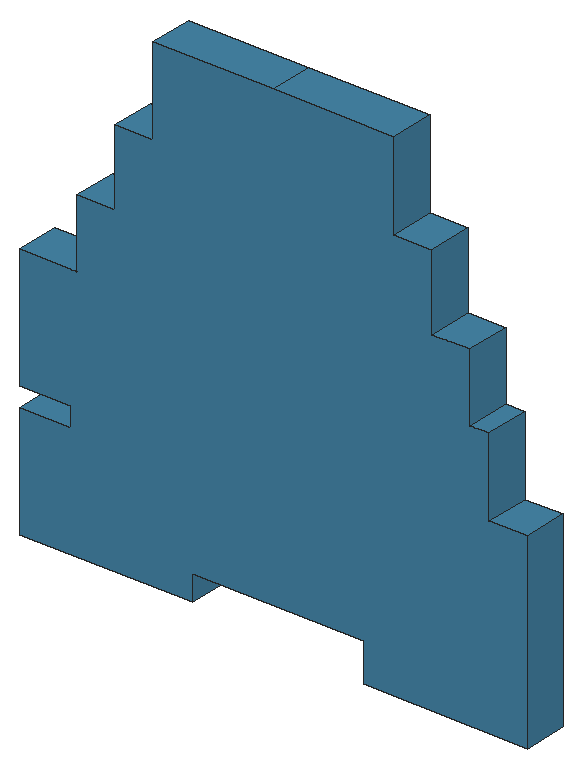
Revit family "Reihenschutzgerät", category Generic Models, Revit 2015
Parameters (values of type "MDP-4 D-48-EX")
  Width = 100 mm
  URL = "http://www.obo-bettermann.com"
  Material = OBO PA GF20
  Manufacturer Art.No. = "5098452"
  Manufacturer = "OBO Bettermann"
  Length = 8.7 mm
  Height = 98.8 mm
  GTIN = "4012195848530"
  Article Type = "MDP-4 D-48-EX"
Types (4, lengths in mm): name | Manufacturer Art.No. | GTIN | Article Type
  (no name) | "5098452" | "4012195848530" | "MDP-4 D-48-EX"
  MDP-4 D-5-EX | "5098412" | "4012195848516" | "MDP-4 D-5-EX"
  MDP-4 D-24-EX | "5098432" | "4012195848523" | "MDP-4 D-24-EX"
  MDP-4 D-48-EX | "5098452" | "4012195848530" | "MDP-4 D-48-EX"
Reference planes
  plane 1 "Center (Front/Back)": y = 0
  plane 2: z = 0
  plane 3 "Center (Left/Right)": x = 0
  plane 4: y = 4.35
  plane 5: y = -4.35
Forms (mm)
  Extrusion 1, solid, material "OBO PA GF20" <- "Material"
    sketch origin (0, 0, 0) x (1, 0, 0) y (0, 0, 1)
      loop
        line (17.8, 0) -> (50, 0) -> (50, 37.5) -> (42.5, 37.5) -> (42.5, 53) -> (38.75, 53) -> (38.75, 66.5) -> (31.25, 66.5) -> (31.25, 81.5) -> (23.75, 81.5) -> (23.75, 98.8) -> (0, 98.8) -> (-23.75, 98.8) -> (-23.75, 81.5) -> (-31.25, 81.5) -> (-31.25, 66.5) -> (-38.75, 66.5) -> (-38.75, 53) -> (-50, 53) -> (-50, 2.6) -> (-16, 2.6) -> (-16, 7.6) -> (17.8, 7.6) -> (17.8, 0)
    from -4.35 to 4.35
  Extrusion 2, void
    sketch origin (0, 0, 0) x (1, 0, 0) y (0, 0, 1)
      loop
        line (-50, 28.9) -> (-50, 25) -> (-40, 25) -> (-40, 28.9) -> (-50, 28.9)
    from -4.35 to 4.35
Cuts and joins
  Extrusion 2 cuts Extrusion 1
Dimensions and locks
  locked: Extrusion 1 sketch curve to Extrusion 1 sketch curve at 37.5
  locked: Extrusion 1 sketch curve to level at 53
  locked: Extrusion 1 sketch curve to level at 66.5  (x2)
  locked: Extrusion 1 sketch curve to level at 81.5  (x2)
  "Height": Extrusion 1 sketch curve to level  (x2)
  locked: Extrusion 1 sketch curve to level at 2.6
  "Length": plane 4 to plane 5
  locked: plane 4 to plane 1 "Center (Front/Back)" at 4.35
  locked: level to Extrusion 2 sketch curve at 25
  locked: Extrusion 2 sketch curve to Extrusion 2 sketch curve at 3.9
  "Width": Extrusion 1 sketch curve to Extrusion 1 sketch curve
  equal spacing: Extrusion 1 sketch curve, plane 3 "Center (Left/Right)", Extrusion 1 sketch curve, locked at 50 each
  locked: Extrusion 1 sketch curve to Extrusion 1 sketch curve at 77.5
  equal spacing: Extrusion 1 sketch curve, plane 3 "Center (Left/Right)", Extrusion 1 sketch curve, locked at 38.75 each
  locked: Extrusion 1 sketch curve to Extrusion 1 sketch curve at 62.5
  equal spacing: Extrusion 1 sketch curve, plane 3 "Center (Left/Right)", Extrusion 1 sketch curve, locked at 31.25 each
  locked: Extrusion 1 sketch curve to Extrusion 1 sketch curve at 47.5
  equal spacing: Extrusion 1 sketch curve, plane 3 "Center (Left/Right)", Extrusion 1 sketch curve, locked at 23.75 each
  aligned and locked: level to plane 2
  aligned and locked: plane 3 "Center (Left/Right)" to Extrusion 1 sketch curve
  aligned and locked: plane 4 to Extrusion 1
  aligned and locked: Extrusion 1 to plane 5
  aligned and locked: Extrusion 1 to Extrusion 2
  aligned and locked: Extrusion 2 to Extrusion 1
Automatic sketch dimensions
  Extrusion 2 sketch curve to plane 3 "Center (Left/Right)" = 50 mm
  Extrusion 2 sketch curve to Extrusion 2 sketch curve = 10 mm
  Extrusion 1 sketch curve to level = 0 mm
  level to Extrusion 1 sketch curve = 7.6 mm
  Extrusion 1 sketch curve to plane 3 "Center (Left/Right)" = 16 mm
  plane 3 "Center (Left/Right)" to Extrusion 1 sketch curve = 17.8 mm
  Extrusion 1 sketch curve to Extrusion 1 sketch curve = 7.5 mm
  Extrusion 1 sketch curve to Extrusion 1 sketch curve = 13.5 mm
